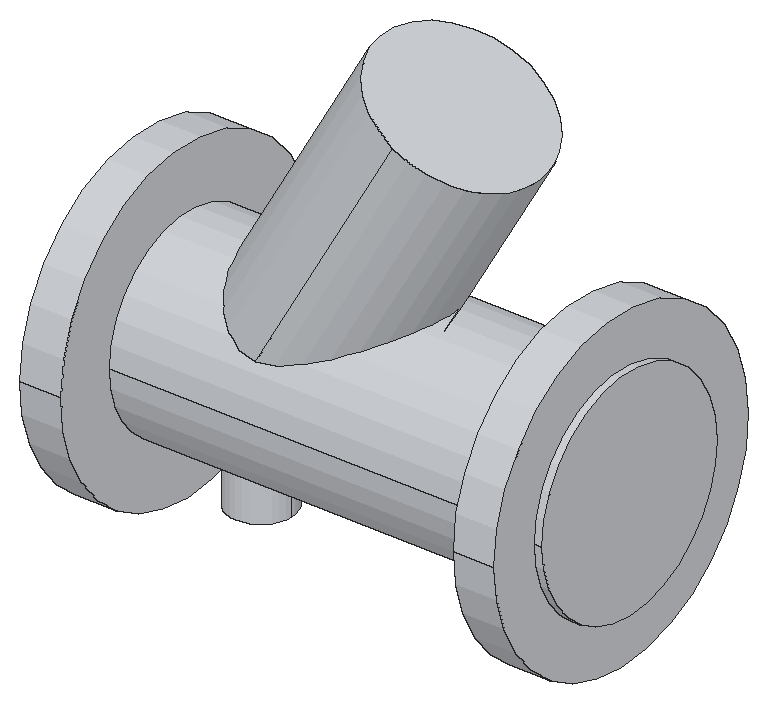
Revit family "HS 821-síto_standard-PN40-DN080-RFA_2018", category Pipe Accessories, Revit 2018
Family settings
  Round Connector Dimension = Use Diameter
  Part Type = Breaks Into
  Work Plane-Based = No
  Always vertical = Yes
  Cut with Voids When Loaded = No
  Shared = No
Parameters (values of type "821F-DN080-PN40-síto_standard")
  magiProductId = "689aa1e260f84cf4994f027a1d86b5"
  magiProductFamilyId = "79214ac3aaa945e397802f559f5c1e"
  magiPartTypeId = 307
  isMeasuringValve [instance] = no
  ang2D [instance] = 0.00°
  ZB__ve = -ZB  # -32 mm
  ZB1 = 55.89 mm
  ZB = 32 mm
  X2 = 104.753 mm
  X1 = 43.4 mm
  W2D = 15 mm
  VersionID = "2.0/2017.9.26.1/ZETKAMA_821_001"
  Use Minimum Symbol Size [instance] = yes
  URL = "www.hydronic.cz"
  Type Comments = "Filtr přírubový; síto standardní; A-PN16 (-10~300°C); D-PN25 (-10~350°C); F-PN40 (-10~400°C)"
  S = 138 mm
  QmdConnectorList = "301;D;302;D"
  Productdata [instance] = ""
  Manufacturer = "Hydronic Systems Prague s.r.o."
  MC Product Code = "240 680 (821F; DN080; PN40; kvs147,4; oko síta 1,25mm)"
  LM1 = 24.8 mm
  LM = 248 mm
  L4 = 77.5 mm
  L2D_Min = 3048 mm
  L2D = 130 mm
  L2 = 155 mm
  HH2 = 181.438 mm
  FD = 200 mm
  Description = "Filtr přírubový; síto standardní; 821A-PN16; 821D-PN25; 821F-PN40"
  DM1 = 107.4 mm
  DM = 124.2 mm
  D = 80 mm
  CC = 5.27 mm
  CAT0 = yes
  C1 = 25.73 mm
  C = 31 mm
  BD = 39.123 mm
Types (40, lengths in mm): name | magiProductId | ZB__ve | ZB1 | ZB | X2 | X1 | S | MC Product Code | LM1 | LM | L4 | L2 | HH2 | FD | DM1 | DM | D | CC | C1 | C | BD
  821A-DN015-PN16-síto_standard | "a71bcfe8b393460598b23e8ddf7dc5" | -16.25 | 18.63 | 16.25 | 46.982 | 18.2 | 46 | "200 115 (821A; DN015; PN16; kvs6,3; oko síta 1,00mm)" | 10.4 | 104 | 32.5 | 65 | 81.375 | 95 | 27.6 | 41.4 | 15 | 2.21 | 10.79 | 13 | 13.041
  821A-DN020-PN16-síto_standard | "41cd6c7a12924f4991217528336076" | -17.75 | 22.68 | 17.75 | 51.673 | 21 | 56 | "200 120 (821A; DN020; PN16; kvs11,2; oko síta 1,00mm)" | 12 | 120 | 37.5 | 75 | 89.5 | 105 | 33.6 | 50.4 | 20 | 2.55 | 12.45 | 15 | 15.876
  821A-DN025-PN16-síto_standard | "be378b463ed14c3abf4c9b3ae8cf3a" | -19.25 | 26.325 | 19.25 | 58.601 | 22.4 | 65 | "200 125 (821A; DN025; PN16; kvs14,7; oko síta 1,00mm)" | 12.8 | 128 | 40 | 80 | 101.5 | 115 | 43.2 | 58.5 | 25 | 2.72 | 13.28 | 16 | 18.427
  821A-DN032-PN16-síto_standard | "227a0d18b21540afabe8b6067d35fa" | -23 | 30.78 | 23 | 68.849 | 25.2 | 76 | "200 132 (821A; DN032; PN16; kvs23,7; oko síta 1,00mm)" | 14.4 | 144 | 45 | 90 | 119.25 | 140 | 50.4 | 68.4 | 32 | 3.06 | 14.94 | 18 | 21.546
  821A-DN040-PN16-síto_standard | "d106917c74724141a10440112d0102" | -24.5 | 34.02 | 24.5 | 75.777 | 28 | 84 | "200 140 (821A; DN040; PN16; kvs37,7; oko síta 1,00mm)" | 16 | 160 | 50 | 100 | 131.25 | 150 | 60 | 75.6 | 40 | 3.4 | 16.6 | 20 | 23.814
  821A-DN050-PN16-síto_standard | "8255d456a09e4f6486734f5dd9171b" | -26.75 | 40.095 | 26.75 | 79.061 | 32.2 | 99 | "200 150 (821A; DN050 PN16; kvs57,9; oko síta 1,00mm)" | 18.4 | 184 | 57.5 | 115 | 136.938 | 165 | 73.8 | 89.1 | 50 | 3.91 | 19.09 | 23 | 28.066
  821A-DN065-PN16-síto_standard | "235b1b3e4c0843779a4d5e3716d40a" | -29.75 | 47.79 | 29.75 | 86.927 | 40.6 | 118 | "200 165 (821A; DN065; PN16; kvs101,5; oko síta 1,25mm)" | 23.2 | 232 | 72.5 | 145 | 150.562 | 185 | 94.2 | 106.2 | 65 | 4.93 | 24.07 | 29 | 33.453
  821A-DN080-PN16-síto_standard | "a067f7c5236348ed8c820d16df7214" | -32 | 53.46 | 32 | 104.753 | 43.4 | 132 | "200 180 (821A; DN080; PN16; kvs147,4; oko síta 1,25mm)" | 24.8 | 248 | 77.5 | 155 | 181.438 | 200 | 107.4 | 118.8 | 80 | 5.27 | 25.73 | 31 | 37.422
  821A-DN100-PN16-síto_standard | "c49a648c2747461285837d643703cd" | -35 | 63.18 | 35 | 114.857 | 49 | 156 | "200 190 (821A; DN100; PN16; kvs209,6; oko síta 1,60mm)" | 28 | 280 | 87.5 | 175 | 198.937 | 220 | 131.4 | 140.4 | 100 | 5.95 | 29.05 | 35 | 44.226
  821A-DN125-PN16-síto_standard | "bf68e728a163493cbd2a663b26ebdc" | -39.5 | 74.52 | 39.5 | 131.888 | 56 | 184 | "200 191 (821A; DN125; PN16; kvs326,2; oko síta 1,60mm)" | 32 | 320 | 100 | 200 | 228.438 | 250 | 165 | 165.6 | 125 | 6.8 | 33.2 | 40 | 52.164
  821A-DN150-PN16-síto_standard | "2de770284b654863ae6bc865769dc5" | -44.75 | 85.455 | 44.75 | 155.885 | 67.2 | 211 | "200 192 (821A; DN150; PN16; kvs403; oko síta 1,60mm)" | 38.4 | 384 | 120 | 240 | 270 | 285 | 192 | 189.9 | 150 | 8.16 | 39.84 | 48 | 59.818
  821A-DN200-PN16-síto_standard | "8e5693371ab64aabb29a7f08c76e15" | -53 | 107.73 | 53 | 188.361 | 84 | 266 | "200 193 (821A; DN200; PN16; kvs707; oko síta 1,60mm)" | 48 | 480 | 150 | 300 | 326.25 | 340 | 252 | 239.4 | 200 | 10.2 | 49.8 | 60 | 75.411
  821A-DN250-PN16-síto_standard | "05e37ed948c34047acdd4c42556504" | -62.75 | 129.195 | 62.75 | 255.911 | 102.2 | 319 | "200 194 (821A; DN250; PN16; kvs1234; oko síta 1,60mm)" | 58.4 | 584 | 182.5 | 365 | 443.25 | 405 | 309.6 | 287.1 | 250 | 12.41 | 60.59 | 73 | 90.436
  821A-DN300-PN16-síto_standard | "9ad0af747269428da925480d83ce80" | -71 | 149.85 | 71 | 325.914 | 119 | 370 | "200 195 (821A; DN300; PN16; kvs1916; oko síta 1,60mm)" | 68 | 680 | 212.5 | 425 | 564.5 | 460 | 369.6 | 333 | 300 | 14.45 | 70.55 | 85 | 104.895
  821A-DN350-PN16-síto_standard | "eebc71459bb3451bb4355e7951370a" | -80 | 173.745 | 80 | 356.875 | 137.2 | 429 | "200 196 (821A; DN350; PN16; kvs2621; oko síta 1,60mm)" | 78.4 | 784 | 245 | 490 | 618.125 | 520 | 438 | 386.1 | 350 | 16.66 | 81.34 | 98 | 121.621
  821A-DN400-PN16-síto_standard | "d2f677cb196647e385b2590e7d8abe" | -89 | 194.4 | 89 | 392.237 | 154 | 480 | "200 197 (821A; DN400; PN16; kvs3460; oko síta 1,60mm)" | 88 | 880 | 275 | 550 | 679.375 | 580 | 498 | 432 | 400 | 18.7 | 91.3 | 110 | 136.08
  821D-DN015-PN25-síto_standard | "27ddcbf555414f8ca1fde329bf9087" | -16.25 | 18.63 | 16.25 | 46.982 | 18.2 | 46 | "200 215 (821D; DN015; PN25; kvs6,3; oko síta 1,00mm)" | 10.4 | 104 | 32.5 | 65 | 81.375 | 95 | 27.6 | 41.4 | 15 | 2.21 | 10.79 | 13 | 13.041
  821D-DN020-PN25-síto_standard | "270e0f14012f47189cd0235c18faee" | -17.75 | 22.68 | 17.75 | 51.673 | 21 | 56 | "200 220 (821D; DN020; PN25; kvs11,2; oko síta 1,00mm)" | 12 | 120 | 37.5 | 75 | 89.5 | 105 | 33.6 | 50.4 | 20 | 2.55 | 12.45 | 15 | 15.876
  821D-DN025-PN25-síto_standard | "b9a7fb4aa36643878c637d8e1ab992" | -19.25 | 26.325 | 19.25 | 58.601 | 22.4 | 65 | "200 225 (821D; DN025; PN25; kvs14,7; oko síta 1,00mm)" | 12.8 | 128 | 40 | 80 | 101.5 | 115 | 43.2 | 58.5 | 25 | 2.72 | 13.28 | 16 | 18.427
  821D-DN032-PN25-síto_standard | "6be9a55c4e68400f94eec7e804204c" | -23 | 30.78 | 23 | 68.849 | 25.2 | 76 | "200 232 (821D; DN032; PN25; kvs23,7; oko síta 1,00mm)" | 14.4 | 144 | 45 | 90 | 119.25 | 140 | 50.4 | 68.4 | 32 | 3.06 | 14.94 | 18 | 21.546
  821D-DN040-PN25-síto_standard | "c54511bd7f584ec2984291479612cb" | -24.5 | 34.02 | 24.5 | 75.777 | 28 | 84 | "200 240 (821D; DN040; PN25; kvs37,7; oko síta 1,00mm)" | 16 | 160 | 50 | 100 | 131.25 | 150 | 60 | 75.6 | 40 | 3.4 | 16.6 | 20 | 23.814
  821D-DN050-PN25-síto_standard | "5483b1f596b04cd39b23a14a22c90e" | -26.75 | 40.095 | 26.75 | 79.061 | 32.2 | 99 | "200 250 (821D; DN050; PN25; kvs57,9; oko síta 1,00mm)" | 18.4 | 184 | 57.5 | 115 | 136.938 | 165 | 73.8 | 89.1 | 50 | 3.91 | 19.09 | 23 | 28.066
  821D-DN065-PN25-síto_standard | "767b0f8318e94750bc7a9930ed5b30" | -29.75 | 47.79 | 29.75 | 86.927 | 40.6 | 118 | "200 265 (821D; DN065; PN25; kvs101,5; oko síta 1,25mm)" | 23.2 | 232 | 72.5 | 145 | 150.562 | 185 | 94.2 | 106.2 | 65 | 4.93 | 24.07 | 29 | 33.453
  821D-DN080-PN25-síto_standard | "e21040fa3cc2404b858198f6b73709" | -32 | 53.46 | 32 | 104.753 | 43.4 | 132 | "200 280 (821D; DN080; PN25; kvs147,4; oko síta 1,25mm)" | 24.8 | 248 | 77.5 | 155 | 181.438 | 200 | 107.4 | 118.8 | 80 | 5.27 | 25.73 | 31 | 37.422
  821D-DN100-PN25-síto_standard | "175ca87a506b40b3bc6b82f12f33cf" | -37.25 | 63.18 | 37.25 | 114.857 | 49 | 156 | "200 290 (821D; DN100; PN25; kvs209,6; oko síta 1,60mm)" | 28 | 280 | 87.5 | 175 | 198.937 | 235 | 131.4 | 140.4 | 100 | 5.95 | 29.05 | 35 | 44.226
  821D-DN125-PN25-síto_standard | "77cc98d60da24855999a22dff726b2" | -42.5 | 74.52 | 42.5 | 131.888 | 56 | 184 | "200 291 (821D; DN125; PN25; kvs326,2; oko síta 1,60mm)" | 32 | 320 | 100 | 200 | 228.438 | 270 | 165 | 165.6 | 125 | 6.8 | 33.2 | 40 | 52.164
  821D-DN150-PN25-síto_standard | "9cf8acfcd15547d68e83172d3abcbe" | -47 | 85.455 | 47 | 155.885 | 67.2 | 211 | "200 292 (821D; DN150; PN25; kvs403; oko síta 1,60mm)" | 38.4 | 384 | 120 | 240 | 270 | 300 | 192 | 189.9 | 150 | 8.16 | 39.84 | 48 | 59.818
  821D-DN200-PN25-síto_standard | "16973f3c9ea14389ba8602495a6b64" | -56 | 110.97 | 56 | 188.361 | 84 | 274 | "200 293 (821D; DN200; PN25; kvs707; oko síta 1,60mm)" | 48 | 480 | 150 | 300 | 326.25 | 360 | 252 | 246.6 | 200 | 10.2 | 49.8 | 60 | 77.679
  821F-DN015-PN40-síto_standard | "4c7eaf3c4c0340888b3e684d8a8616" | -16.25 | 18.225 | 16.25 | 46.982 | 18.2 | 45 | "240 615 (821F; DN015; PN40; kvs6,3; oko síta 1,00mm)" | 10.4 | 104 | 32.5 | 65 | 81.375 | 95 | 27.6 | 40.5 | 15 | 2.21 | 10.79 | 13 | 12.757
  821F-DN020-PN40-síto_standard | "aaac5f1ec96b44d6ba96ac2293d66d" | -17.75 | 23.49 | 17.75 | 51.673 | 21 | 58 | "240 620 (821F; DN020; PN40; kvs11,2; oko síta 1,00mm)" | 12 | 120 | 37.5 | 75 | 89.5 | 105 | 33.6 | 52.2 | 20 | 2.55 | 12.45 | 15 | 16.443
  821F-DN025-PN40-síto_standard | "504768023968471481789485b54c7e" | -19.25 | 27.54 | 19.25 | 58.601 | 22.4 | 68 | "240 625 (821F; DN025; PN40; kvs14,7; oko síta 1,00mm)" | 12.8 | 128 | 40 | 80 | 101.5 | 115 | 43.2 | 61.2 | 25 | 2.72 | 13.28 | 16 | 19.278
  821F-DN032-PN40-síto_standard | "165e7f39cf744f329bdf1c400dad12" | -23 | 31.59 | 23 | 68.849 | 25.2 | 78 | "240 632 (821F; DN032; PN40; kvs23,7; oko síta 1,00mm)" | 14.4 | 144 | 45 | 90 | 119.25 | 140 | 50.4 | 70.2 | 32 | 3.06 | 14.94 | 18 | 22.113
  821F-DN040-PN40-síto_standard | "b8903f952089408fbf3a5a632bab1f" | -24.5 | 35.64 | 24.5 | 75.777 | 28 | 88 | "240 640 (821F; DN040; PN40; kvs37,7; oko síta 1,00mm)" | 16 | 160 | 50 | 100 | 131.25 | 150 | 60 | 79.2 | 40 | 3.4 | 16.6 | 20 | 24.948
  821F-DN050-PN40-síto_standard | "c451f97266fe48da8f879cb6a2bd44" | -26.75 | 41.31 | 26.75 | 79.061 | 32.2 | 102 | "240 650 (821F; DN050; PN40; kvs57,9; oko síta 1,00mm)" | 18.4 | 184 | 57.5 | 115 | 136.938 | 165 | 73.8 | 91.8 | 50 | 3.91 | 19.09 | 23 | 28.917
  821F-DN065-PN40-síto_standard | "dc9821e3f9b34e128f6a8c6b34c198" | -29.75 | 49.41 | 29.75 | 86.927 | 40.6 | 122 | "240 665 (821F; DN065; PN40; kvs101,5; oko síta 1,25mm)" | 23.2 | 232 | 72.5 | 145 | 150.562 | 185 | 94.2 | 109.8 | 65 | 4.93 | 24.07 | 29 | 34.587
  821F-DN080-PN40-síto_standard | "689aa1e260f84cf4994f027a1d86b5" | -32 | 55.89 | 32 | 104.753 | 43.4 | 138 | "240 680 (821F; DN080; PN40; kvs147,4; oko síta 1,25mm)" | 24.8 | 248 | 77.5 | 155 | 181.438 | 200 | 107.4 | 124.2 | 80 | 5.27 | 25.73 | 31 | 39.123
  821F-DN100-PN40-síto_standard | "8a45d4e8e2ab425f8c432f21d684f3" | -37.25 | 65.61 | 37.25 | 114.857 | 49 | 162 | "240 690 (821F; DN100; PN40; kvs209,6; oko síta 1,6mm)" | 28 | 280 | 87.5 | 175 | 198.937 | 235 | 131.4 | 145.8 | 100 | 5.95 | 29.05 | 35 | 45.927
  821F-DN125-PN40-síto_standard | "cf073904c006406b8645afa67ea2fc" | -42.5 | 76.14 | 42.5 | 131.888 | 56 | 188 | "240 691 (821F; DN125; PN40; kvs326,2; oko síta 1,6mm)" | 32 | 320 | 100 | 200 | 228.438 | 270 | 165 | 169.2 | 125 | 6.8 | 33.2 | 40 | 53.298
  821F-DN150-PN40-síto_standard | "0153b9ddabe14992a630484929fdbc" | -47 | 88.29 | 47 | 155.885 | 67.2 | 218 | "240 692 (821F; DN150; PN40; kvs403; oko síta 1,6mm)" | 38.4 | 384 | 120 | 240 | 270 | 300 | 192 | 196.2 | 150 | 8.16 | 39.84 | 48 | 61.803
  821F-DN200-PN40-síto_standard | "7fb3fc01dd8d42428c203e3f8dd4d5" | -56 | 115.425 | 56 | 188.361 | 84 | 285 | "240 693 (821F; DN200; PN40; kvs707; oko síta 1,6mm)" | 48 | 480 | 150 | 300 | 326.25 | 360 | 252 | 256.5 | 200 | 10.2 | 49.8 | 60 | 80.797
Reference planes
  plane 1 "Center (Front/Back)": y = 0
  plane 2 "XYPLANE": z = 0
  plane 3 "Center (Left/Right)": x = 0
  plane 4 "109": x = -99.2
  plane 5 "108": x = 124
  plane 6 "107": x = -124
  plane 7 "105": x = 155
  plane 8 "104": x = -155
  plane 9 "103": y = 0
  plane 10 "102": z = 0
  plane 11 "101": x = -149.73
  plane 12 "100": x = 149.73
  plane 13 "11": x = -55.8
  plane 14 "10": z = 181.438
  plane 15 "9": x = 48.953
  plane 16 "5": z = -55.89
  plane 17 "4": x = -77.5
  plane 18 "1": x = 77.5
Forms (mm)
  Extrusion 1, solid, visible <- "CAT0"
    sketch origin (-124, -750, 0) x (0, 1, 0) y (0, 0, 1)
      loop
        circle (750, 0) r 62.1
    from 0 to 248 <- "LM"
  Extrusion 2, solid
    sketch origin (-155, -750, 0) x (0, 1, 0) y (0, 0, 1)
      loop
        circle (750, 0) r 69
    from 0 to 5.27 <- "CC"
  Extrusion 3, solid
    sketch origin (-149.73, -750, 0) x (0, 1, 0) y (0, 0, 1)
      loop
        circle (750, 0) r 100
    from 0 to 25.73 <- "C1"
  Extrusion 4, solid
    sketch origin (124, -750, 0) x (0, 1, 0) y (0, 0, 1)
      loop
        circle (750, 0) r 100
    from 0 to 25.73 <- "C1"
  Extrusion 5, solid
    sketch origin (149.73, -750, 0) x (0, 1, 0) y (0, 0, 1)
      loop
        circle (750, 0) r 69
    from 0 to 5.27 <- "CC"
  Sweep 6, solid, visible <- "CAT0"
    path origin (750, 0, 0) x (-1, 0, 0) y (0, 0, 1)
      loop
        line (874, 0) -> (805.8, 0) -> (701.047, 181.438)
    profile origin (-124, 0, 0) x (0, 0, -1) y (0, 1, 0)
      loop
        circle (0, 0) r 53.7
  Extrusion 7, solid, visible <- "CAT0"
    sketch origin (-750, 0, -55.89) x (1, 0, 0) y (0, 1, 0)
      loop
        circle (672.5, 0) r 19.561
    from 0 to -32 <- "ZB__ve"
  Extrusion 8, solid, visible <- "CAT0"
    sketch origin (-750, 0, -55.89) x (1, 0, 0) y (0, 1, 0)
      loop
        circle (827.5, 0) r 19.561
    from 0 to -32 <- "ZB__ve"
  Extrusion 9, solid, not visible
    sketch origin (155, -750, 0) x (0, 1, 0) y (0, 0, 1)
      loop
        circle (750, 0) r 10
    from 0 to -10
  Extrusion 10, solid, not visible
    sketch origin (-155, -750, 0) x (0, 1, 0) y (0, 0, 1)
      loop
        circle (750, 0) r 10
    from 0 to 10
Lines and regions (mm)
  reference lines, not visible
    curve 1: circle (2, 2, 0) r 1 normal (0, 0, 1)
Dimensions and locks
  plane 1 "Center (Front/Back)" to curve 1 = 2 mm
  "LM1": plane 6 "107" to plane 4 "109"
  "LM": plane 6 "107" to plane 5 "108"
  "C": plane 8 "104" to plane 6 "107"
  "L2": plane 3 "Center (Left/Right)" to plane 7 "105"
  "L2": plane 3 "Center (Left/Right)" to plane 8 "104"
  locked: plane 1 "Center (Front/Back)" to plane 9 "103"
  locked: plane 2 "XYPLANE" to plane 10 "102"
  "CC": plane 8 "104" to plane 11 "101"
  "C1": plane 5 "108" to plane 12 "100"
  "X1": plane 4 "109" to plane 13 "11"
  "HH2": plane 2 "XYPLANE" to plane 14 "10"
  "X2": plane 13 "11" to plane 15 "9"
  "ZB1": plane 2 "XYPLANE" to plane 16 "5"
  "L4": plane 8 "104" to plane 17 "4"
  "L2": plane 17 "4" to plane 18 "1"
  Sweep 6 sketch curve to Sweep 6 sketch curve = 0 mm  (x2)
  "DM": diameter of Extrusion 1 sketch curve
  "S": diameter of Extrusion 2 sketch curve
  "FD": diameter of Extrusion 3 sketch curve
  "FD": diameter of Extrusion 4 sketch curve
  "S": diameter of Extrusion 5 sketch curve
  "DM1": diameter of Sweep 6 sketch curve
  "BD": diameter of Extrusion 7 sketch curve
  "BD": diameter of Extrusion 8 sketch curve
  aligned and locked: level to plane 2 "XYPLANE"
  aligned and locked: Extrusion 1 sketch curve to plane 9 "103"
  aligned and locked: plane 10 "102" to Extrusion 1 sketch curve
  aligned and locked: Extrusion 2 sketch curve to plane 9 "103"
  aligned and locked: plane 10 "102" to Extrusion 2 sketch curve
  aligned and locked: Extrusion 3 sketch curve to plane 9 "103"
  aligned and locked: plane 10 "102" to Extrusion 3 sketch curve
  aligned and locked: Extrusion 4 sketch curve to plane 9 "103"
  aligned and locked: plane 10 "102" to Extrusion 4 sketch curve
  aligned and locked: Extrusion 5 sketch curve to plane 9 "103"
  aligned and locked: plane 10 "102" to Extrusion 5 sketch curve
  aligned and locked: Sweep 6 sketch curve to plane 9 "103"
  aligned and locked: plane 10 "102" to Sweep 6 sketch curve  (x3)
  aligned and locked: plane 6 "107" to Sweep 6 sketch curve
  aligned and locked: plane 13 "11" to Sweep 6 sketch curve
  aligned and locked: plane 14 "10" to Sweep 6 sketch curve
  aligned and locked: plane 15 "9" to Sweep 6 sketch curve
  aligned and locked: plane 9 "103" to Extrusion 7 sketch curve
  aligned and locked: plane 17 "4" to Extrusion 7 sketch curve
  aligned and locked: plane 9 "103" to Extrusion 8 sketch curve
  aligned and locked: plane 18 "1" to Extrusion 8 sketch curve
  aligned and locked: Extrusion 9 sketch curve to plane 9 "103"
  aligned and locked: plane 10 "102" to Extrusion 9 sketch curve
  aligned and locked: Extrusion 10 sketch curve to plane 9 "103"
  aligned and locked: plane 10 "102" to Extrusion 10 sketch curve
Automatic sketch dimensions
  plane 1 "Center (Front/Back)" to Extrusion 9 sketch curve = 10 mm
  plane 1 "Center (Front/Back)" to Extrusion 10 sketch curve = 10 mm
  plane 3 "Center (Left/Right)" to curve 1 = 2 mm
  radius of curve 1 = 1 mm
Connectors
  piping at (-155, 0, 0), diameter 80, driven by "D"
    settings: on Extrusion 10, index 1, connector inside diameter 609.6 mm, connector length 0 mm, flow factor 0, pipe flow 0.0 L/s, pressure drop 0.0 Pa, fitting loss kfactor 0, connector angle 0.00°, fixture units 0, engagement length 0 mm, angle of deflection 0.00°, flow configuration 0, flow direction 0, fitting loss method 0, system type 29, joint type 0, gender type 0, connector reference index 2, connector utility 0, adjustable connector no, is connector primary yes, connector description ""
  piping at (155, 0, 0), diameter 80, driven by "D"
    settings: on Extrusion 9, index 2, connector inside diameter 609.6 mm, connector length 0 mm, flow factor 0, pipe flow 0.0 L/s, pressure drop 0.0 Pa, fitting loss kfactor 0, connector angle 0.00°, fixture units 0, engagement length 0 mm, angle of deflection 0.00°, flow configuration 0, flow direction 0, fitting loss method 0, system type 29, joint type 0, gender type 0, connector reference index 1, connector utility 0, adjustable connector no, is connector primary no, connector description ""
